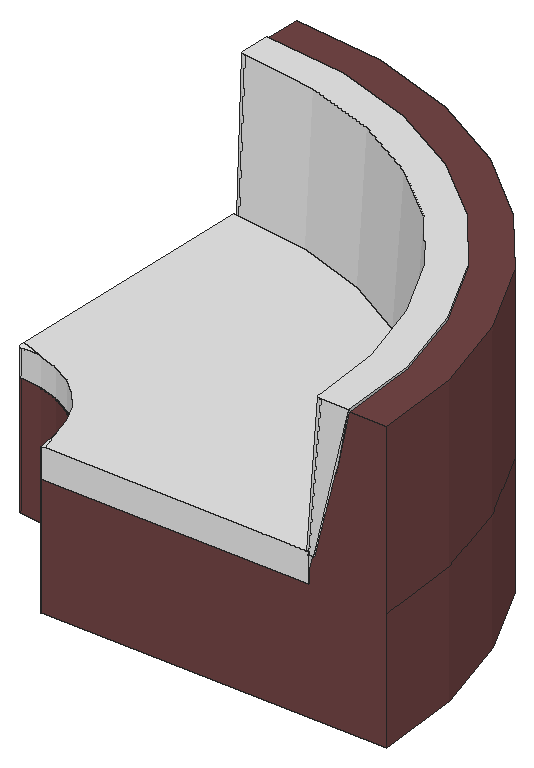
Revit family "Haworth_Janus_SEE_90ConcaveModule_Closed", category Furniture, Revit 2018
Family settings
  OmniClass Number = 23.40.20.00
  OmniClass Title = General Furniture and Specialties
  Work Plane-Based = No
  Always vertical = Yes
  Cut with Voids When Loaded = No
  Shared = No
  Room Calculation Point = No
Parameters (values of type "HCJC-SE-MVC9-J")
  With Seat Cushion = yes
  Warranty = "https://www.haworth.com/resources/product-info/warranties"
  URL - Product = "https://www.haworth.com/products/seating/outdoor/see!"
  URL = "http://www.haworth.com/our-brands/haworth-collection"
  Size = "Verify Final Dim. w/ Haworth"  # constant formula
  Revision = "2"  # constant formula
  Model = "HCJC-SE-MVC9-J"
  Manufacturer = "Haworth"  # constant formula
  Glide Finish = Haworth _ Polymer _ Black
  Frame Finish [instance] = Haworth _ Fabric _ JANUSfiber _ Bronze JJF-40
  Frame = yes
  Description = "Haworth - Janus - SEE! - 90Degree Concave Module Closed"
  Cushion Finish [instance] = Haworth _ Fabric _ Janus _ SEE! _ Slipperwhite JEC-344
  Cushion = yes
  Author = "Haworth (Abd Rahman)"  # constant formula
  Assembly Code = "E2020200"
  Actual Width = 68 1/2"  # constant formula
  Actual Height = 31"  # constant formula
  Actual Depth = 36 1/4"  # constant formula
Reference planes (in)
  plane 1 "Center Front/Back": y = 0
  plane 2: z = 0
  plane 3: z = 31
  plane 4: z = 13.586307
  plane 5: z = 1
  plane 6: x = -18.125
  plane 7: x = 29.7940137
  plane 8: y = 24.0901853
  plane 9: y = -24.080621
  plane 10: x = 5.8345068
Forms (in)
  Extrusion 1, solid, material "Haworth _ Polymer _ Black" <- "Glide Finish"
    sketch origin (-2.5947266, 3.2057131, 28.8747358) x (-0.707107, 0.707107, 0) y (-0.707107, -0.707107, 0)
      loop
        line (-7.218749, -14.2392) -> (-7.0937495, -14.1141998) -> (-7.0937495, -12.1141999) -> (-7.218749, -11.9891997) -> (-9.21875, -11.9891997) -> (-9.3437495, -12.1141999) -> (-9.3437495, -14.1141998) -> (-9.21875, -14.2392) -> (-7.218749, -14.2392)
    from -28.8747358 to -28.7497358
  Extrusion 2, solid, material "Haworth _ Polymer _ Black" <- "Glide Finish"
    sketch origin (-2.5947266, 3.2057131, 28.8747358) x (-0.707107, 0.707107, 0) y (-0.707107, -0.707107, 0)
      loop
        line (-7.34375, -14.1141998) -> (-7.218749, -13.9891999) -> (-7.218749, -12.2391998) -> (-7.34375, -12.1141999) -> (-9.093749, -12.1141999) -> (-9.21875, -12.2391998) -> (-9.21875, -13.9891999) -> (-9.093749, -14.1141998) -> (-7.34375, -14.1141998)
    from -28.7497358 to -27.8747358
  Extrusion 3, solid, material "Haworth _ Polymer _ Black" <- "Glide Finish"
    sketch origin (16.7407573, -32.2391998, 28.8747358) x (-1, 0, 0) y (0, -1, 0)
      loop
        line (-7.218749, -14.2392) -> (-7.0937495, -14.1141998) -> (-7.0937495, -12.1141999) -> (-7.218749, -11.9891997) -> (-9.21875, -11.9891997) -> (-9.3437495, -12.1141999) -> (-9.3437495, -14.1141998) -> (-9.21875, -14.2392) -> (-7.218749, -14.2392)
    from -28.8747358 to -28.7497358
  Extrusion 4, solid, material "Haworth _ Polymer _ Black" <- "Glide Finish"
    sketch origin (16.7407573, -32.2391998, 28.8747358) x (-1, 0, 0) y (0, -1, 0)
      loop
        line (-7.34375, -14.1141998) -> (-7.218749, -13.9891999) -> (-7.218749, -12.2391998) -> (-7.34375, -12.1141999) -> (-9.093749, -12.1141999) -> (-9.21875, -12.2391998) -> (-9.21875, -13.9891999) -> (-9.093749, -14.1141998) -> (-7.34375, -14.1141998)
    from -28.7497358 to -27.8747358
  Extrusion 5, solid, material "Haworth _ Polymer _ Black" <- "Glide Finish"
    sketch origin (-21.509243, 6.0156152, 28.8747358) x (-1, 0, 0) y (0, -1, 0)
      loop
        line (-7.218749, -14.2392) -> (-7.0937495, -14.1141998) -> (-7.0937495, -12.1141999) -> (-7.218749, -11.9891997) -> (-9.21875, -11.9891997) -> (-9.3437495, -12.1141999) -> (-9.3437495, -14.1141998) -> (-9.21875, -14.2392) -> (-7.218749, -14.2392)
    from -28.8747358 to -28.7497358
  Extrusion 6, solid, material "Haworth _ Polymer _ Black" <- "Glide Finish"
    sketch origin (-21.509243, 6.0156152, 28.8747358) x (-1, 0, 0) y (0, -1, 0)
      loop
        line (-7.34375, -14.1141998) -> (-7.218749, -13.9891999) -> (-7.218749, -12.2391998) -> (-7.34375, -12.1141999) -> (-9.093749, -12.1141999) -> (-9.21875, -12.2391998) -> (-9.21875, -13.9891999) -> (-9.093749, -14.1141998) -> (-7.34375, -14.1141998)
    from -28.7497358 to -27.8747358
  Extrusion 7, solid, material "Haworth _ Polymer _ Black" <- "Glide Finish"
    sketch origin (-21.509243, -20.2343855, 28.8747358) x (-1, 0, 0) y (0, -1, 0)
      loop
        line (-7.218749, -14.2392) -> (-7.0937495, -14.1141998) -> (-7.0937495, -12.1141999) -> (-7.218749, -11.9891997) -> (-9.21875, -11.9891997) -> (-9.3437495, -12.1141999) -> (-9.3437495, -14.1141998) -> (-9.21875, -14.2392) -> (-7.218749, -14.2392)
    from -28.8747358 to -28.7497358
  Extrusion 8, solid, material "Haworth _ Polymer _ Black" <- "Glide Finish"
    sketch origin (-21.509243, -20.2343855, 28.8747358) x (-1, 0, 0) y (0, -1, 0)
      loop
        line (-7.34375, -14.1141998) -> (-7.218749, -13.9891999) -> (-7.218749, -12.2391998) -> (-7.34375, -12.1141999) -> (-9.093749, -12.1141999) -> (-9.21875, -12.2391998) -> (-9.21875, -13.9891999) -> (-9.093749, -14.1141998) -> (-7.34375, -14.1141998)
    from -28.7497358 to -27.8747358
  Sweep 9, solid, material "Haworth _ Fabric _ Janus _ SEE! _ Slipperwhite JEC-344" <- "Cushion Finish", visible <- "With Seat Cushion"
    path origin (-11.2485217, -13.4943851, 29.2215114) x (-1, 0, 0) y (0, -1, 0)
      loop
        arc (11.6264783, -12.9874388) -> (-8.2110356, -4.7704714) -> (-16.428003, 15.0670425) r 28.0544813
    profile origin (-3.037486, -8.7239136, 29.2215114) x (0.707107, 0.707107, 0) y (0, 0, 1)
      loop
        line (25.3880772, -12.7104898) -> (-10.4042317, -12.7104898)
        arc (-10.4042317, -12.7104898) -> (-11.0727213, -12.9873872) -> (-11.3496188, -13.6558769) r 0.9453872
        line (-11.3496188, -13.6558769) -> (-11.3496188, -14.7916485)
        arc (-11.3496188, -14.7916485) -> (-11.0709845, -15.4643312) -> (-10.3983018, -15.7429655) r 0.951317
        line (-10.3983018, -15.7429655) -> (25.9513672, -15.7429655)
        arc (25.9513672, -15.7429655) -> (26.8983, -15.5988474) -> (27.8385701, -15.4162442) r 23.4897428
        arc (27.8385701, -15.4162442) -> (28.0108174, -15.3532815) -> (28.1593353, -15.2456903) r 0.6654186
        arc (28.1593353, -15.2456903) -> (28.2579778, -15.1127675) -> (28.307534, -14.954834) r 0.4973397
        line (28.307534, -14.954834) -> (28.307534, -13.5008074)
        arc (28.307534, -13.5008074) -> (28.2637673, -13.3334797) -> (28.1588568, -13.1959739) r 0.4397268
        arc (28.1588568, -13.1959739) -> (28.0092981, -13.0925765) -> (27.8399457, -13.0264059) r 0.7840913
        arc (27.8399457, -13.0264059) -> (26.6241457, -12.7897939) -> (25.3880772, -12.7104898) r 9.6726025
  Extrusion 10, void
    sketch origin (0, 0, 28.8747358) x (-1, 0, 0) y (0, -1, 0)
      loop
        line (-36.8441324, 24.080621) -> (6.1788134, 24.080621)
        arc (6.1788134, 24.080621) -> (6.3559529, 24.0070342) -> (6.4288113, 23.8295939) r 0.25
        arc (6.4288113, 23.8295939) -> (9.754181, 15.633466) -> (17.8791861, 12.1379134) r 11.6454691
        arc (17.8791861, 12.1379134) -> (18.0532506, 12.0632389) -> (18.125, 11.8879485) r 0.25
        line (18.125, 11.8879485) -> (18.125, -30.4535458) -> (28.1558676, -30.4535458) -> (28.1558676, 35.0612004) -> (-36.8441324, 35.0612004) -> (-36.8441324, 24.080621)
    from -17.1750057 to -10.6943586
  Extrusion 11, void
    sketch origin (0, 0, 28.8747358) x (-1, 0, 0) y (0, -1, 0)
      loop
        line (-21.4427381, 28) -> (-35.8873333, 28) -> (-35.8873333, -30.7153354) -> (22.125, -30.7153354) -> (22.125, -15.7075584)
        arc (22.125, -15.7075584) -> (-10.0492031, -4.2108746) -> (-21.4427381, 28) r 39.7852766
    from -18.8288924 to -9.7171931
  Extrusion 12, solid, material "Haworth _ Polymer _ Black" <- "Glide Finish"
    sketch origin (-9.5092441, -32.2391998, 28.8747358) x (-1, 0, 0) y (0, -1, 0)
      loop
        line (-7.218749, -14.2392) -> (-7.0937495, -14.1141998) -> (-7.0937495, -12.1141999) -> (-7.218749, -11.9891997) -> (-9.21875, -11.9891997) -> (-9.3437495, -12.1141999) -> (-9.3437495, -14.1141998) -> (-9.21875, -14.2392) -> (-7.218749, -14.2392)
    from -28.8747358 to -28.7497358
  Extrusion 13, solid, material "Haworth _ Polymer _ Black" <- "Glide Finish"
    sketch origin (-9.5092441, -32.2391998, 28.8747358) x (-1, 0, 0) y (0, -1, 0)
      loop
        line (-7.34375, -14.1141998) -> (-7.218749, -13.9891999) -> (-7.218749, -12.2391998) -> (-7.34375, -12.1141999) -> (-9.093749, -12.1141999) -> (-9.21875, -12.2391998) -> (-9.21875, -13.9891999) -> (-9.093749, -14.1141998) -> (-7.34375, -14.1141998)
    from -28.7497358 to -27.8747358
  Extrusion 14, solid, material "Haworth _ Fabric _ JANUSfiber _ Bronze JJF-40" <- "Frame Finish", visible <- "Frame"
    sketch origin (0, 0, 0) x (1, 0, 0) y (0, 1, 0)
      loop
        line (-18.125, 24.0902493) -> (-18.125, -11.8879485)
        arc (-18.125, -11.8879485) -> (-18.0532506, -12.0632389) -> (-17.8791861, -12.1379134) r 0.25
        arc (-17.8791861, -12.1379134) -> (-9.754181, -15.633466) -> (-6.4288113, -23.8295939) r 11.6454691
        arc (-6.4288113, -23.8295939) -> (-6.3559529, -24.0070342) -> (-6.1788134, -24.080621) r 0.25
        line (-6.1788134, -24.080621) -> (29.7940137, -24.080621)
        arc (29.7940137, -24.080621) -> (15.7765733, 9.8948995) -> (-18.125, 24.0902493) r 48.1629017
    from 1 to 13.586307
  Blend 15, solid, material "Haworth _ Fabric _ JANUSfiber _ Bronze JJF-40" <- "Frame Finish", visible <- "Frame"
    base sketch origin (0, 0, 0) x (1, 0, 0) y (0, 1, 0)
      loop
        arc (-18.1126667, 15.7153354) -> (9.8408113, 3.9591473) -> (21.3896765, -24.080621) r 39.7852766
        line (21.3896765, -24.080621) -> (29.7940137, -24.080621)
        arc (29.7940137, -24.080621) -> (15.7809221, 9.8905272) -> (-18.1126667, 24.0901853) r 48.1629017
        line (-18.1126667, 24.0901853) -> (-18.1126667, 15.7153354)
    top sketch origin (0, 0, 0) x (1, 0, 0) y (0, 1, 0)
      loop
        line (-18.1126667, 24.0901853) -> (-18.1126667, 20.1409665)
        arc (-18.1126667, 20.1409665) -> (13.063475, 7.1726495) -> (25.8447949, -24.080621) r 43.9582504
        line (25.8447949, -24.080621) -> (29.7940137, -24.080621)
        arc (29.7940137, -24.080621) -> (15.7809221, 9.8905272) -> (-18.1126667, 24.0901853) r 48.1629017
    from 13.586307 to 31
Cuts and joins
  Extrusion 10, Extrusion 11 cuts Sweep 9
  joined: Extrusion 14, Blend 15
Lines and regions (in)
  Masking region 1
    outline origin (0, 0, 28.8747358) x (-1, 0, 0) y (0, -1, 0)
      loop
        arc (18.125, 12.1363917) -> (9.7523492, 15.6353368) -> (6.4325488, 24.080621) r 11.6454691
        line (6.4325488, 24.080621) -> (-29.7940137, 24.080621)
        arc (-29.7940137, 24.080621) -> (-15.7765733, -9.8948995) -> (18.125, -24.0902493) r 48.1629017
        line (18.125, -24.0902493) -> (18.125, 12.1363917)
  symbolic lines, detail levels medium+fine
    curve 1: arc (-18.1126667, 20.1409665, 0) -> (13.063475, 7.1726495, 0) -> (25.8447949, -24.080621, 0) r 43.9582504
    curve 2: arc (21.3896765, -24.080621, 0) -> (9.8408113, 3.9591473, 0) -> (-18.1126667, 15.7153354, 0) r 39.7852766
Dimensions and locks (in)
  "Actual Height": plane 3 to plane 2
  aligned and locked: plane 4 to Extrusion 14
  aligned and locked: Extrusion 14 to plane 5
  aligned and locked: plane 3 to Blend 15
  aligned and locked: Blend 15 to plane 4
  aligned and locked: plane 9 to Masking region 1 sketch curve
  aligned and locked: plane 6 to Masking region 1 sketch curve
Automatic sketch dimensions
  Extrusion 3 sketch curve to Extrusion 3 sketch curve = 1/8"  (x6)
  Extrusion 3 sketch curve to Extrusion 3 sketch curve = 2"  (x4)
  Extrusion 4 sketch curve to Extrusion 4 sketch curve = 1/8"  (x6)
  Extrusion 4 sketch curve to Extrusion 4 sketch curve = 1 3/4"  (x4)
  Extrusion 5 sketch curve to Extrusion 5 sketch curve = 1/8"  (x6)
  Extrusion 5 sketch curve to Extrusion 5 sketch curve = 2"  (x4)
  Extrusion 6 sketch curve to Extrusion 6 sketch curve = 1/8"  (x6)
  Extrusion 6 sketch curve to Extrusion 6 sketch curve = 1 3/4"  (x4)
  Extrusion 7 sketch curve to Extrusion 7 sketch curve = 1/8"  (x6)
  Extrusion 7 sketch curve to Extrusion 7 sketch curve = 2"  (x4)
  Extrusion 8 sketch curve to Extrusion 8 sketch curve = 1/8"  (x6)
  Extrusion 8 sketch curve to Extrusion 8 sketch curve = 1 3/4"  (x4)
  Sweep 9 sketch curve to plane 6 = 4 3/4"
  profile plane to Sweep 9 sketch curve = 11.34962"
  Sweep 9 sketch curve to Sweep 9 sketch curve = 0.94539"
  Sweep 9 sketch curve to Sweep 9 sketch curve = 0.95132"
  profile plane to Sweep 9 sketch curve = 7.5466"
  Sweep 9 sketch curve to profile plane = 22.89125"
  Sweep 9 sketch curve to profile plane = 25.38808"
  Sweep 9 sketch curve to Sweep 9 sketch curve = 0.56329"
  Sweep 9 sketch curve to Sweep 9 sketch curve = 2.25311"
  Sweep 9 sketch curve to Sweep 9 sketch curve = 0.05723"
  Sweep 9 sketch curve to Sweep 9 sketch curve = 0.11642"
  Sweep 9 sketch curve to Sweep 9 sketch curve = 0.22735"
  Sweep 9 sketch curve to Sweep 9 sketch curve = 0.49269"
  Sweep 9 sketch curve to profile plane = 12.71049"
  Sweep 9 sketch curve to Sweep 9 sketch curve = 0.79032"
  Sweep 9 sketch curve to Sweep 9 sketch curve = 0.02544"
  Sweep 9 sketch curve to Sweep 9 sketch curve = 0.25864"
  Sweep 9 sketch curve to Sweep 9 sketch curve = 0.98086"
  Sweep 9 sketch curve to Sweep 9 sketch curve = 1.13577"
  Sweep 9 sketch curve to Sweep 9 sketch curve = 0.12123"
  Sweep 9 sketch curve to Sweep 9 sketch curve = 0.06785"
  Sweep 9 sketch curve to Sweep 9 sketch curve = 6.64013"
  Sweep 9 sketch curve to Sweep 9 sketch curve = 0"  (x2)
  Extrusion 11 sketch curve to plane 6 = 0.00327"
  Extrusion 11 sketch curve to plane 6 = 4"
  plane 1 "Center Front/Back" to Extrusion 11 sketch curve = 23.87646"
  Extrusion 12 sketch curve to Extrusion 12 sketch curve = 1/8"  (x6)
  Extrusion 12 sketch curve to Extrusion 12 sketch curve = 2"  (x4)
  Extrusion 13 sketch curve to Extrusion 13 sketch curve = 1/8"  (x6)
  Extrusion 13 sketch curve to Extrusion 13 sketch curve = 1 3/4"  (x4)
  Extrusion 1 sketch curve to plane 1 "Center Front/Back" = 5.16472"
  Extrusion 1 sketch curve to Extrusion 1 sketch curve = 1/8"  (x5)
  Extrusion 1 sketch curve to Extrusion 1 sketch curve = 2"  (x4)
  Extrusion 1 sketch curve to Extrusion 1 sketch curve = 0"
  Extrusion 2 sketch curve to plane 1 "Center Front/Back" = 5.34149"
  Extrusion 2 sketch curve to Extrusion 2 sketch curve = 1/8"  (x5)
  Extrusion 2 sketch curve to Extrusion 2 sketch curve = 1 3/4"  (x4)
  Extrusion 2 sketch curve to Extrusion 2 sketch curve = 0"
  Extrusion 5 sketch curve to plane 8 = 3.83537"
  Extrusion 6 sketch curve to plane 8 = 3.96037"
  plane 7 to Extrusion 11 sketch curve = 8.35128"
  plane 8 to Extrusion 11 sketch curve = 6.62515"
  plane 9 to Extrusion 3 sketch curve = 6.08062"
  plane 9 to Extrusion 4 sketch curve = 5.95562"
  plane 1 "Center Front/Back" to Extrusion 7 sketch curve = 5.99519"
  plane 1 "Center Front/Back" to Extrusion 8 sketch curve = 6.12019"
  Sweep 9 sketch curve to plane 9 = 4.48081"
  Extrusion 11 sketch curve to Extrusion 11 sketch curve = 15.00778"
  plane 9 to Extrusion 12 sketch curve = 6.08062"
  plane 9 to Extrusion 13 sketch curve = 5.95562"
  Extrusion 14 sketch curve to plane 9 = 0"
  plane 9 to Extrusion 14 sketch curve = 0.00859"
  plane 7 to Extrusion 14 sketch curve = 0"
  Blend 15 sketch curve to plane 8 = 0"  (x2)
  Blend 15 sketch curve to plane 9 = 0"  (x2)
  Blend 15 sketch curve to plane 7 = 0"  (x2)
  Blend 15 sketch curve to Blend 15 sketch curve = 8.40434"
  plane 6 to Blend 15 sketch curve = 0.01233"  (x2)
  plane 9 to Blend 15 sketch curve = 0.00859"  (x2)
  plane 9 to Blend 15 sketch curve = 0.01169"
  Blend 15 sketch curve to Blend 15 sketch curve = 0.02671"
  plane 7 to Extrusion 1 sketch curve = 17.21568"
  plane 7 to Extrusion 2 sketch curve = 17.21568"
  plane 7 to Extrusion 3 sketch curve = 3.70951"
  plane 7 to Extrusion 4 sketch curve = 3.83451"
  plane 6 to Extrusion 5 sketch curve = 5.95951"
  plane 6 to Extrusion 6 sketch curve = 5.83451"
  plane 6 to Extrusion 7 sketch curve = 5.95951"
  plane 6 to Extrusion 8 sketch curve = 5.83451"
  plane 6 to Sweep 9 sketch curve = 23.30448"
  Extrusion 11 sketch curve to plane 7 = 6.09332"
  plane 6 to Extrusion 12 sketch curve = 17.95951"
  plane 6 to Extrusion 13 sketch curve = 17.83451"
  plane 6 to Extrusion 14 sketch curve = 11.94619"
  Masking region 1 sketch curve to plane 7 = 0"
  plane 6 to Masking region 1 sketch curve = 0.05082"
  plane 9 to Masking region 1 sketch curve = 0.00859"
  Masking region 1 sketch curve to plane 6 = 0.24389"
  plane 9 to Masking region 1 sketch curve = 0.29887"
  Masking region 1 sketch curve to Masking region 1 sketch curve = 11.64163"
  Extrusion 10 sketch curve to plane 9 = 0"
  Extrusion 10 sketch curve to plane 6 = 0"
  plane 6 to Extrusion 10 sketch curve = 0.05082"
  plane 6 to Extrusion 10 sketch curve = 1/4"
  plane 9 to Extrusion 10 sketch curve = 1/4"
  Extrusion 10 sketch curve to plane 7 = 7.05012"
  Extrusion 10 sketch curve to plane 6 = 10.03087"
  plane 9 to Extrusion 10 sketch curve = 0.29887"
  plane 8 to Extrusion 10 sketch curve = 6.36336"
  Extrusion 10 sketch curve to plane 9 = 10.98058"
  plane 6 to Extrusion 10 sketch curve = 0.24581"
  Extrusion 10 sketch curve to Extrusion 10 sketch curve = 0"  (x2)
  Extrusion 14 sketch curve to plane 6 = 0"
  Extrusion 14 sketch curve to plane 6 = 0.24389"
  plane 6 to Extrusion 14 sketch curve = 0.05082"
  plane 9 to Extrusion 14 sketch curve = 1/4"
  plane 9 to Extrusion 14 sketch curve = 0.29887"
  plane 6 to Extrusion 14 sketch curve = 0.24581"
  Extrusion 14 sketch curve to Extrusion 14 sketch curve = 0"
  plane 6 to Extrusion 14 sketch curve = 1/4"
  plane 9 to Blend 15 sketch curve = 0.26334"
  Blend 15 sketch curve to Blend 15 sketch curve = 3 243/256"
Nested families (in)
  nested 1: "Haworth_Janus_SEE!_Cushion_Back_PART" at (1.875, -4.5981991, 0), Cushion Finish <- "Cushion Finish", visible <- "Cushion", type "HCJC-SE-CBMVC4-S - Back - Cushion"
    with Cushion Finish Haworth _ Fabric _ Janus _ SEE! _ Slipperwhite JEC-344
Definition of nested family "Haworth_Janus_SEE!_Cushion_Back_PART"
  Parameters (values of type "HCJC-SE-CBMVC4-S - Back - Cushion")
    Warranty = "https://www.haworth.com/resources/product-info/warranties"
    URL - Product = "https://www.haworth.com/products/seating/outdoor/see!"
    URL = "http://www.haworth.com/our-brands/haworth-collection"
    Size = "Verify Final Dim. w/ Haworth"  # constant formula
    Revision = "1"  # constant formula
    Model = "HCJC-SE-CBMVC4-S"
    Manufacturer = "Haworth"  # constant formula
    Description = "Haworth_SEE!_Back_Cushion"
    Cushion Finish [instance] = none
    Author = "Haworth (Abd Rahman)"  # constant formula
    Assembly Code = "E2020200"
  Reference planes (in)
    plane 1 "Center Front/Back": y = 4.6113281
    plane 2: z = 0
    plane 3 "Center Left/Right": x = 0
    plane 4 "Bench Back": x = -20
    plane 5: z = 31.6881162
    plane 6: z = 16.1881162
    plane 7 "Back 1": through (480, 6.4519766, 27.0114635) normal (0, -0.9783, 0.207)
    plane 8 "Back 2": through (480, 3.2479613, 26.8119215) normal (0, -0.9783, 0.207)
    plane 9: y = -19.4824219
    plane 10: y = 25.3301479
    plane 11: x = 23.9690998
    plane 12: y = 28.6884485
  Forms (in)
    Blend 1, solid, material <- "Cushion Finish"
      base sketch origin (-9.8240589, 2.5319739, 0) x (1, 0, 0) y (0, 1, 0)
        loop
          arc (-9.672181, 19.4355276) -> (-10.0281626, 19.2904221) -> (-10.1759411, 18.9355418) r 0.5
          line (-10.1759411, 18.9355418) -> (-10.1759411, 18.428413)
          arc (-10.1759411, 18.428413) -> (-10.0331048, 18.0785072) -> (-9.6862047, 17.9285184) r 0.5
          arc (-9.6862047, 17.9285184) -> (17.7275059, 6.1004231) -> (29.0744495, -21.5159169) r 39.5731613
          arc (29.0744495, -21.5159169) -> (29.221432, -21.8684866) -> (29.5744472, -22.0143958) r 0.5
          line (29.5744472, -22.0143958) -> (30.0728264, -22.0143958)
          arc (30.0728264, -22.0143958) -> (30.4246139, -21.8697064) -> (30.5728016, -21.5193783) r 0.5
          arc (30.5728016, -21.5193783) -> (18.9470162, 7.3074964) -> (-9.672181, 19.4355276) r 40.5519549
      top sketch origin (-9.8240589, 2.5319739, 0) x (1, 0, 0) y (0, 1, 0)
        loop
          line (-10.1759411, 22.20719) -> (-10.1759411, 19.2042884)
          arc (-10.1759411, 19.2042884) -> (-10.031593, 18.8528461) -> (-9.6818943, 18.7043239) r 0.5
          arc (-9.6818943, 18.7043239) -> (18.5322245, 6.7694469) -> (30.2939672, -21.5172849) r 40.4582504
          arc (30.2939672, -21.5172849) -> (30.4414284, -21.8689692) -> (30.7939589, -22.0143958) r 0.5
          line (30.7939589, -22.0143958) -> (33.7938538, -22.0143958)
          arc (33.7938538, -22.0143958) -> (21.0081862, 9.2432479) -> (-10.1759411, 22.20719) r 43.9582504
      from 16.1881162 to 31.1961222
  Lines and regions (in)
    Masking region 1
      outline origin (0, 0, 0) x (1, 0, 0) y (0, 1, 0)
        loop
          arc (23.9697949, -19.4824219) -> (11.1841273, 11.7752218) -> (-20, 24.7391639) r 43.9582504
          line (-20, 24.7391639) -> (-20, 20.960387)
          arc (-20, 20.960387) -> (-19.8571637, 20.6104811) -> (-19.5102636, 20.4604923) r 0.5
          arc (-19.5102636, 20.4604923) -> (7.903447, 8.6323971) -> (19.2503906, -18.983943) r 39.5731613
          arc (19.2503906, -18.983943) -> (19.3973731, -19.3365126) -> (19.7503883, -19.4824219) r 0.5
          line (19.7503883, -19.4824219) -> (23.9697949, -19.4824219)
  Dimensions and locks (in)
    plane 5 to plane 6 = 15 1/2"
    plane 9 to plane 10 = 44.81257"
    plane 9 to plane 12 = 48.17087"
